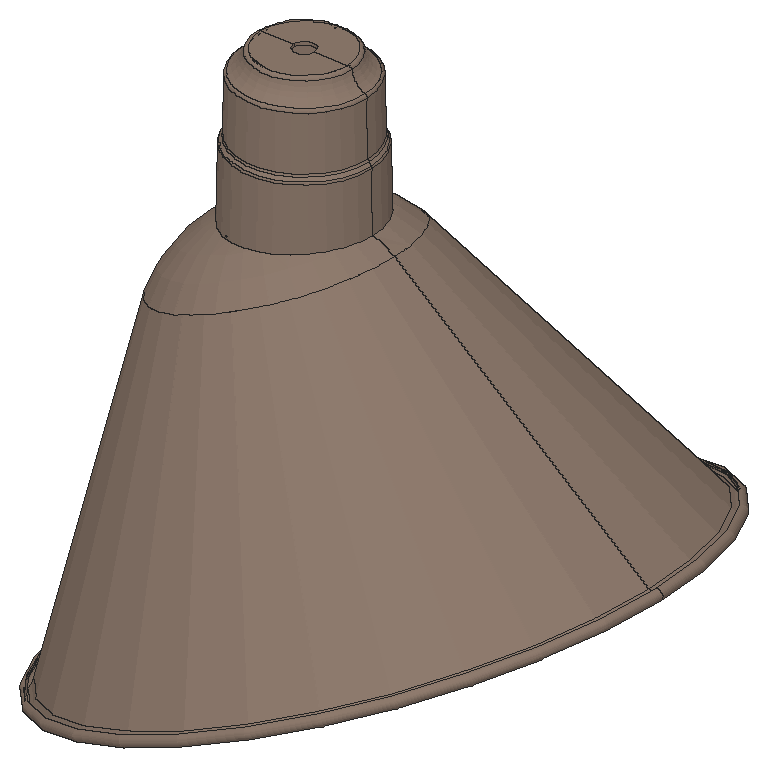
Revit family "A814", category Generic Models, Revit 2017
Family settings
  Can host rebar = No
  Round Connector Dimension = Use Diameter
  Part Type = Normal
  Work Plane-Based = No
  Always vertical = Yes
  Cut with Voids When Loaded = No
  Shared = No
  Room Calculation Point = No
Parameters
  A814 = Default
Reference planes (in)
  plane 1 "Center (Front/Back)": y = 0
  plane 2: z = 0
  plane 3 "Center (Left/Right)": x = 0
Forms (in)
  Revolve 1, solid, material "Default" <- "A814"
    sketch origin (0, 0, 0) x (1, 0, 0) y (0, 0, 1)
      loop
        line (15.52198, 20.53023) -> (14.06428, 12.78713)
        arc (14.06428, 12.78713) -> (14.02833, 12.66515) -> (13.96873, 12.55282) r 0.63334
        arc (13.96873, 12.55282) -> (13.88862, 12.59017) -> (13.92598, 12.67028) r 0.0625
        line (13.92598, 12.67028) -> (13.9046, 12.72901)
        arc (13.9046, 12.72901) -> (13.82989, 12.5688) -> (13.99011, 12.49409) r 0.125
        arc (13.99011, 12.49409) -> (14.00734, 12.50366) -> (14.02072, 12.51813) r 0.0625
        arc (14.02072, 12.51813) -> (14.0862, 12.64155) -> (14.1257, 12.77556) r 0.69584
        line (14.1257, 12.77556) -> (15.58294, 20.5162)
        arc (15.58294, 20.5162) -> (16.37214, 21.84722) -> (17.7309, 22.58766) r 2.91836
        line (17.7309, 22.58766) -> (17.70938, 22.64679)
        arc (17.70938, 22.64679) -> (16.32517, 21.88875) -> (15.52198, 20.53023) r 2.98086
      axis (17.70938, 22.64679) -> (20.53732, 14.87708)
    angle from 0 to 360
  Revolve 2, solid, material "Default" <- "A814"
    sketch origin (0, 0, 0) x (1, 0, 0) y (0, 0, 1)
      loop
        arc (17.52211, 26.15308) -> (17.46649, 26.13384) -> (17.43466, 26.08435) r 0.09
        arc (17.43466, 26.08435) -> (17.31791, 25.8446) -> (17.112, 25.67518) r 0.62612
        arc (17.112, 25.67518) -> (17.07666, 25.64266) -> (17.06308, 25.5966) r 0.09
        line (17.06308, 25.5966) -> (17.04159, 24.30725)
        arc (17.04159, 24.30725) -> (17.03675, 24.27958) -> (17.0236, 24.25475) r 0.09
        line (17.0236, 24.25475) -> (16.96486, 24.17642)
        arc (16.96486, 24.17642) -> (16.95172, 24.15159) -> (16.94687, 24.12392) r 0.09
        line (16.94687, 24.12392) -> (16.91611, 22.27808) -> (16.97861, 22.27808) -> (17.00951, 24.13179) -> (17.0736, 24.21725)
        arc (17.0736, 24.21725) -> (17.09587, 24.25932) -> (17.10408, 24.3062) r 0.1525
        line (17.10408, 24.3062) -> (17.12585, 25.61227)
        arc (17.12585, 25.61227) -> (17.36188, 25.7995) -> (17.49539, 26.06958) r 0.68862
        arc (17.49539, 26.06958) -> (17.50511, 26.0847) -> (17.52211, 26.09058) r 0.0275
        line (17.52211, 26.09058) -> (18.32236, 26.09058) -> (18.32236, 26.15308) -> (17.52211, 26.15308)
      axis (18.57236, 26.15308) -> (18.57236, 22.27808)
    angle from 0 to 360
  Revolve 3, void
    sketch origin (0, 0, 0) x (1, 0, 0) y (0, 0, 1)
      loop
        line (18.57236, 22.99745) -> (17.00762, 22.99745) -> (17.00762, 22.27808) -> (18.57236, 22.27808) -> (18.57236, 22.99745)
      axis (18.57236, 22.99745) -> (18.57236, 22.27808)
    angle from 0 to 360
Cuts and joins
  Revolve 3 cuts Revolve 1
Dimensions and locks (in)
  aligned and locked: plane 2 to level
